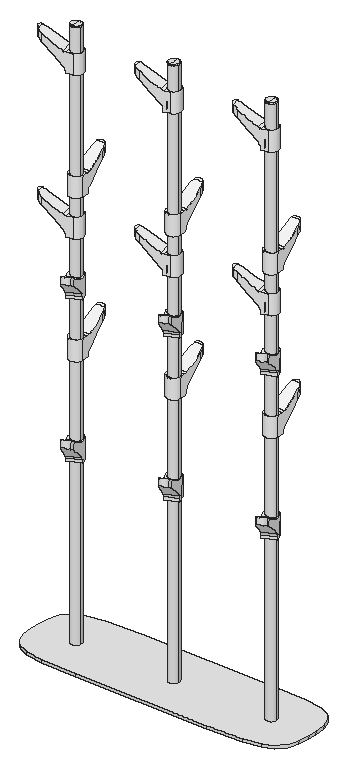
Revit family "REVIT-MG-1024-Slide-", category Furniture, Revit 2016
Family settings
  OmniClass Number = 23.40.20.00
  OmniClass Title = General Furniture and Specialties
  Work Plane-Based = No
  Always vertical = Yes
  Cut with Voids When Loaded = No
  Shared = No
  Room Calculation Point = No
Parameters (values of type "MG-1024")
  URL = "www.magnusongroup.com"
  Type Comments = "Collaborative Area"  # constant formula
  Salvage or Reuse = yes
  Percentage of Recycled Content = 0
  Model = "MG-1024"
  Manufacturer = "Magnuson Group"  # constant formula
  Low Emitting Material = yes
  Low Emitting Finish = yes
  Revit File Built By = "https://servex-us.com/servex-revit/"
  Description = "Slide Coat Tree"
Reference planes (in)
  plane 1 "Center Front/Back": y = 0
  plane 2: z = 0
  plane 3 "Center Left/Right": x = 0
Dimensions and locks (in)
  aligned and locked: level to plane 2
Nested families (in)
  nested 1: "Magnuson-Slide-Coat_Tree" at (0, -4.90625, 0), type "SLIDE G3"
Definition of nested family "Magnuson-Slide-Coat_Tree"
  Parameters (values of type "SLIDE G1")
    Width = 11 13/16"
    URL = "www.magnusongroup.com"
    Type Comments = "Coat Trees"  # constant formula
    Salvage or Reuse = no
    Post Finish = none
    Percentage of Recycled Content = 0
    Model = "SLIDE G1"
    Manufacturer = "Magnuson Group"  # constant formula
    Low Emitting Material = yes
    Low Emitting Finish = yes
    Revit File Built By = "https://servex-us.com/servex-revit/"
    Keynote = "12500"
    Hook Finish = none
    Height = 67 5/8"
    Dist Hook = 5.90556"
    Description = "Single painted steel coat tree with 6 plastic hooks"
    Depth = 11.811"
    Cap Finish = none
    Base Finish = none
    B3 = and(Width = 33 15/32", Depth = 9 13/16")  # no
    B2 = and(Width = 21 41/64", Depth = 9 13/16")  # no
    B1 = and(Width = 11 13/16")  # yes
    Assembly Code = "E2020200"
    #Hook = 2
  Types (4): name | Width | Model | Dist Hook | Description | Depth | B3 | B2 | B1 | #Hook
    (no name) | 11 13/16" | "SLIDE G1" | 5.90556" | "Single painted steel coat tree with 6 plastic hooks" | 11.811" | no | no | yes | 2
    SLIDE G1 | 11 13/16" | "SLIDE G1" | 5.90556" | "Single painted steel coat tree with 6 plastic hooks" | 11.811" | no | no | yes | 2
    SLIDE G2 | 21 41/64" | "SLIDE G2" | 4 59/64" | "Double painted steel coat tree with 12 plastic hooks" | 9 13/16" | no | yes | no | 2
    SLIDE G3 | 33 15/32" | "SLIDE G3" | 4 59/64" | "Triple painted steel coat tree with 18 plastic hooks" | 9 13/16" | yes | no | no | 3
  Reference planes (in)
    plane 1 "Center Front/Back": y = 0
    plane 2: z = 0
    plane 3 "Center Left/Right": x = 0
    plane 4: y = 5.9055
    plane 5: y = -5.9055
    plane 6: z = 0.31496
    plane 7: z = 67.34007
    plane 8: x = 11.8125
    plane 9: x = 5.90625
  Dimensions and locks (in)
    locked: plane 6 to plane 2 at 0.31496
    equal spacing: plane 3 "Center Left/Right", plane 9, plane 8
    equal spacing: plane 4, plane 1 "Center Front/Back", plane 5
    "Depth": plane 4 to plane 5
    "Width": plane 3 "Center Left/Right" to plane 8
    group 1 to group 2 = 0.00139"
    group 1 to group 2 = 0"  (x2)
    "Dist Hook": plane 3 "Center Left/Right" to nested 1
    "Dist Hook": nested 2 to plane 8
    aligned and locked: level to plane 2
    aligned and locked: plane 1 "Center Front/Back" to nested 2
    aligned and locked: plane 1 "Center Front/Back" to nested 1
    aligned and locked: plane 1 "Center Front/Back" to nested 3
  Nested families (in)
    nested 1: "Hook" at (5.90556, 0, 0), Cap Finish <- "Cap Finish", Hook Finish <- "Hook Finish", Post Finish <- "Post Finish", type "Hook"
      with Post Finish none, Hook Finish none, Cap Finish none
    nested 2: "Hook" at (5.90694, 0, 0), Cap Finish <- "Cap Finish", Hook Finish <- "Hook Finish", Post Finish <- "Post Finish", type "Hook"
      with Post Finish none, Hook Finish none, Cap Finish none
    nested 3: "Base" at (0, 0, 0), B1 <- "B1", B2 <- "B2", B3 <- "B3", Base Finish <- "Base Finish", type "Base"
      with Base Finish none, B3 no, B2 no, B1 yes
  Definition of nested family "Hook"
    Parameters (values of type "Hook")
      Post Finish [instance] = none
      Hook Finish [instance] = none
      Cap Finish [instance] = none
    Reference planes (in)
      plane 1 "Center (Front/Back)": y = 0
      plane 2: z = 0
      plane 3 "Center (Left/Right)": x = 0
      plane 4: z = 0.31496
      plane 5: z = 67.24396
      plane 6: z = 67.34007
    Forms (in)
      Extrusion 1, solid, material <- "Hook Finish"
        sketch origin (0, -0.00889, 0) x (1, 0, 0) y (0, 1, 0)
          loop
            arc (-0.81367, -0.00357) -> (0, -0.80487) -> (0.81367, -0.00357) r 0.81376
            arc (0.81367, -0.00357) -> (0.77892, 1.6415) -> (0.62451, 3.27967) r 22.59002
            arc (0.62451, 3.27967) -> (0.57436, 3.50418) -> (0.48508, 3.7162) r 1.28856
            arc (0.48508, 3.7162) -> (0, 4.00791) -> (-0.48508, 3.7162) r 0.54916
            arc (-0.48508, 3.7162) -> (-0.57436, 3.50418) -> (-0.62451, 3.27967) r 1.28856
            arc (-0.62451, 3.27967) -> (-0.77892, 1.6415) -> (-0.81367, -0.00357) r 22.59002
          loop
            circle (0, 0.00889) r 0.61695
        from 48.82973 to 53.06031
      Extrusion 2, void
        sketch origin (0, -0.00889, 0) x (0, 1, 0) y (0, 0, 1)
          loop
            arc (4.06991, 52.17166) -> (2.49424, 50.93037) -> (1.00103, 49.59103) r 31.40408
            arc (1.00103, 49.59103) -> (0.85702, 49.40935) -> (0.76776, 49.19538) r 0.84577
            arc (0.76776, 49.19538) -> (0.73088, 48.97636) -> (0.73423, 48.75429) r 1.2227
            line (0.73423, 48.75429) -> (4.06991, 48.75429) -> (4.06991, 52.17166)
          loop
            arc (3.7662, 52.8329) -> (3.91051, 52.90212) -> (4.06991, 52.91658) r 0.45088
            line (4.06991, 52.91658) -> (4.06991, 53.12969) -> (-0.92451, 53.12969) -> (-0.92451, 51.13029) -> (0.70548, 51.13029)
            arc (0.70548, 51.13029) -> (0.87214, 51.14904) -> (1.03046, 51.20435) r 0.75
            arc (1.03046, 51.20435) -> (2.4345, 51.95786) -> (3.7662, 52.8329) r 17.95374
        from -1 to 1
      Extrusion 3, solid, material <- "Hook Finish"
        sketch origin (0.00866, 0.00202, 13.31168) x (-0.227272, 0.973831, 0) y (-0.973831, -0.227272, 0)
          loop
            arc (-0.81367, -0.00357) -> (0, -0.80487) -> (0.81367, -0.00357) r 0.81376
            arc (0.81367, -0.00357) -> (0.77892, 1.6415) -> (0.62451, 3.27967) r 22.59002
            arc (0.62451, 3.27967) -> (0.57436, 3.50418) -> (0.48508, 3.7162) r 1.28856
            arc (0.48508, 3.7162) -> (0, 4.00791) -> (-0.48508, 3.7162) r 0.54916
            arc (-0.48508, 3.7162) -> (-0.57436, 3.50418) -> (-0.62451, 3.27967) r 1.28856
            arc (-0.62451, 3.27967) -> (-0.77892, 1.6415) -> (-0.81367, -0.00357) r 22.59002
          loop
            circle (0, 0.00889) r 0.61695
        from 48.82973 to 53.06031
      Extrusion 4, void
        sketch origin (0.00866, 0.00202, 13.31168) x (-0.973831, -0.227272, 0) y (0, 0, 1)
          loop
            arc (4.06991, 52.17166) -> (2.49424, 50.93037) -> (1.00103, 49.59103) r 31.40408
            arc (1.00103, 49.59103) -> (0.85702, 49.40935) -> (0.76776, 49.19538) r 0.84577
            arc (0.76776, 49.19538) -> (0.73088, 48.97636) -> (0.73423, 48.75429) r 1.2227
            line (0.73423, 48.75429) -> (4.06991, 48.75429) -> (4.06991, 52.17166)
          loop
            arc (3.7662, 52.8329) -> (3.91051, 52.90212) -> (4.06991, 52.91658) r 0.45088
            line (4.06991, 52.91658) -> (4.06991, 53.12969) -> (-0.92451, 53.12969) -> (-0.92451, 51.13029) -> (0.70548, 51.13029)
            arc (0.70548, 51.13029) -> (0.87214, 51.14904) -> (1.03046, 51.20435) r 0.75
            arc (1.03046, 51.20435) -> (2.4345, 51.95786) -> (3.7662, 52.8329) r 17.95374
        from -1 to 1
      Extrusion 5, solid, material <- "Hook Finish"
        sketch origin (0, -0.00889, -17.70964) x (1, 0, 0) y (0, 1, 0)
          loop
            arc (-0.81367, -0.00357) -> (0, -0.80487) -> (0.81367, -0.00357) r 0.81376
            arc (0.81367, -0.00357) -> (0.77892, 1.6415) -> (0.62451, 3.27967) r 22.59002
            arc (0.62451, 3.27967) -> (0.57436, 3.50418) -> (0.48508, 3.7162) r 1.28856
            arc (0.48508, 3.7162) -> (0, 4.00791) -> (-0.48508, 3.7162) r 0.54916
            arc (-0.48508, 3.7162) -> (-0.57436, 3.50418) -> (-0.62451, 3.27967) r 1.28856
            arc (-0.62451, 3.27967) -> (-0.77892, 1.6415) -> (-0.81367, -0.00357) r 22.59002
          loop
            circle (0, 0.00889) r 0.61695
        from 48.82973 to 53.06031
      Extrusion 6, void
        sketch origin (0, -0.00889, -17.70964) x (0, 1, 0) y (0, 0, 1)
          loop
            arc (4.06991, 52.17166) -> (2.49424, 50.93037) -> (1.00103, 49.59103) r 31.40408
            arc (1.00103, 49.59103) -> (0.85702, 49.40935) -> (0.76776, 49.19538) r 0.84577
            arc (0.76776, 49.19538) -> (0.73088, 48.97636) -> (0.73423, 48.75429) r 1.2227
            line (0.73423, 48.75429) -> (4.06991, 48.75429) -> (4.06991, 52.17166)
          loop
            arc (3.7662, 52.8329) -> (3.91051, 52.90212) -> (4.06991, 52.91658) r 0.45088
            line (4.06991, 52.91658) -> (4.06991, 53.12969) -> (-0.92451, 53.12969) -> (-0.92451, 51.13029) -> (0.70548, 51.13029)
            arc (0.70548, 51.13029) -> (0.87214, 51.14904) -> (1.03046, 51.20435) r 0.75
            arc (1.03046, 51.20435) -> (2.4345, 51.95786) -> (3.7662, 52.8329) r 17.95374
        from -1 to 1
      Extrusion 7, solid, material <- "Hook Finish"
        sketch origin (0.00866, 0.00202, -4.40644) x (-0.227272, 0.973831, 0) y (-0.973831, -0.227272, 0)
          loop
            arc (-0.81367, -0.00357) -> (0, -0.80487) -> (0.81367, -0.00357) r 0.81376
            arc (0.81367, -0.00357) -> (0.77892, 1.6415) -> (0.62451, 3.27967) r 22.59002
            arc (0.62451, 3.27967) -> (0.57436, 3.50418) -> (0.48508, 3.7162) r 1.28856
            arc (0.48508, 3.7162) -> (0, 4.00791) -> (-0.48508, 3.7162) r 0.54916
            arc (-0.48508, 3.7162) -> (-0.57436, 3.50418) -> (-0.62451, 3.27967) r 1.28856
            arc (-0.62451, 3.27967) -> (-0.77892, 1.6415) -> (-0.81367, -0.00357) r 22.59002
          loop
            circle (0, 0.00889) r 0.61695
        from 48.82973 to 53.06031
      Extrusion 8, void
        sketch origin (0.00866, 0.00202, -4.40644) x (-0.973831, -0.227272, 0) y (0, 0, 1)
          loop
            arc (4.06991, 52.17166) -> (2.49424, 50.93037) -> (1.00103, 49.59103) r 31.40408
            arc (1.00103, 49.59103) -> (0.85702, 49.40935) -> (0.76776, 49.19538) r 0.84577
            arc (0.76776, 49.19538) -> (0.73088, 48.97636) -> (0.73423, 48.75429) r 1.2227
            line (0.73423, 48.75429) -> (4.06991, 48.75429) -> (4.06991, 52.17166)
          loop
            arc (3.7662, 52.8329) -> (3.91051, 52.90212) -> (4.06991, 52.91658) r 0.45088
            line (4.06991, 52.91658) -> (4.06991, 53.12969) -> (-0.92451, 53.12969) -> (-0.92451, 51.13029) -> (0.70548, 51.13029)
            arc (0.70548, 51.13029) -> (0.87214, 51.14904) -> (1.03046, 51.20435) r 0.75
            arc (1.03046, 51.20435) -> (2.4345, 51.95786) -> (3.7662, 52.8329) r 17.95374
        from -1 to 1
      Extrusion 9, solid, material <- "Hook Finish"
        sketch origin (-0.00359, 0.00813, -10.96476) x (-0.914769, -0.403978, 0) y (0.403978, -0.914769, 0)
          loop
            arc (-0.81367, -0.00357) -> (0, -0.80487) -> (0.81367, -0.00357) r 0.81376
            arc (0.81367, -0.00357) -> (0.77892, 1.6415) -> (0.62451, 3.27967) r 22.59002
            arc (0.62451, 3.27967) -> (0.57436, 3.50418) -> (0.48508, 3.7162) r 1.28856
            arc (0.48508, 3.7162) -> (0, 4.00791) -> (-0.48508, 3.7162) r 0.54916
            arc (-0.48508, 3.7162) -> (-0.57436, 3.50418) -> (-0.62451, 3.27967) r 1.28856
            arc (-0.62451, 3.27967) -> (-0.77892, 1.6415) -> (-0.81367, -0.00357) r 22.59002
          loop
            circle (0, 0.00889) r 0.61695
        from 48.82973 to 53.06031
      Extrusion 10, void
        sketch origin (-0.00359, 0.00813, -10.96476) x (0.403978, -0.914769, 0) y (0, 0, 1)
          loop
            arc (4.06991, 52.17166) -> (2.49424, 50.93037) -> (1.00103, 49.59103) r 31.40408
            arc (1.00103, 49.59103) -> (0.85702, 49.40935) -> (0.76776, 49.19538) r 0.84577
            arc (0.76776, 49.19538) -> (0.73088, 48.97636) -> (0.73423, 48.75429) r 1.2227
            line (0.73423, 48.75429) -> (4.06991, 48.75429) -> (4.06991, 52.17166)
          loop
            arc (3.7662, 52.8329) -> (3.91051, 52.90212) -> (4.06991, 52.91658) r 0.45088
            line (4.06991, 52.91658) -> (4.06991, 53.12969) -> (-0.92451, 53.12969) -> (-0.92451, 51.13029) -> (0.70548, 51.13029)
            arc (0.70548, 51.13029) -> (0.87214, 51.14904) -> (1.03046, 51.20435) r 0.75
            arc (1.03046, 51.20435) -> (2.4345, 51.95786) -> (3.7662, 52.8329) r 17.95374
        from -1 to 1
      Extrusion 11, solid, material <- "Hook Finish"
        sketch origin (-0.00359, 0.00813, -28.68011) x (-0.914769, -0.403978, 0) y (0.403978, -0.914769, 0)
          loop
            arc (-0.81367, -0.00357) -> (0, -0.80487) -> (0.81367, -0.00357) r 0.81376
            arc (0.81367, -0.00357) -> (0.77892, 1.6415) -> (0.62451, 3.27967) r 22.59002
            arc (0.62451, 3.27967) -> (0.57436, 3.50418) -> (0.48508, 3.7162) r 1.28856
            arc (0.48508, 3.7162) -> (0, 4.00791) -> (-0.48508, 3.7162) r 0.54916
            arc (-0.48508, 3.7162) -> (-0.57436, 3.50418) -> (-0.62451, 3.27967) r 1.28856
            arc (-0.62451, 3.27967) -> (-0.77892, 1.6415) -> (-0.81367, -0.00357) r 22.59002
          loop
            circle (0, 0.00889) r 0.61695
        from 48.82973 to 53.06031
      Extrusion 12, void
        sketch origin (-0.00359, 0.00813, -28.68011) x (0.403978, -0.914769, 0) y (0, 0, 1)
          loop
            arc (4.06991, 52.17166) -> (2.49424, 50.93037) -> (1.00103, 49.59103) r 31.40408
            arc (1.00103, 49.59103) -> (0.85702, 49.40935) -> (0.76776, 49.19538) r 0.84577
            arc (0.76776, 49.19538) -> (0.73088, 48.97636) -> (0.73423, 48.75429) r 1.2227
            line (0.73423, 48.75429) -> (4.06991, 48.75429) -> (4.06991, 52.17166)
          loop
            arc (3.7662, 52.8329) -> (3.91051, 52.90212) -> (4.06991, 52.91658) r 0.45088
            line (4.06991, 52.91658) -> (4.06991, 53.12969) -> (-0.92451, 53.12969) -> (-0.92451, 51.13029) -> (0.70548, 51.13029)
            arc (0.70548, 51.13029) -> (0.87214, 51.14904) -> (1.03046, 51.20435) r 0.75
            arc (1.03046, 51.20435) -> (2.4345, 51.95786) -> (3.7662, 52.8329) r 17.95374
        from -1 to 1
      Extrusion 13, solid, material <- "Post Finish"
        sketch origin (0, 0, 0) x (1, 0, 0) y (0, 1, 0)
          loop
            circle (0, 0) r 0.61695
        from 0.31496 to 67.24396
      Revolve 14, solid, material <- "Cap Finish"
        sketch origin (0, 0, 0) x (0, 1, 0) y (0, 0, 1)
          loop
            arc (0.5932, 67.30679) -> (0.29707, 67.33175) -> (0, 67.34007) r 5.30331
            line (0, 67.34007) -> (0, 67.24396) -> (0.61815, 67.24396) -> (0.61815, 67.27888)
            arc (0.61815, 67.27888) -> (0.61101, 67.2976) -> (0.5932, 67.30679) r 0.02809
          axis (0, 67.34007) -> (0, 67.24396)
        angle from 0 to 360
    Cuts and joins
      Extrusion 2 cuts Extrusion 1
      Extrusion 4 cuts Extrusion 3
      Extrusion 6 cuts Extrusion 5
      Extrusion 8 cuts Extrusion 7
      Extrusion 10 cuts Extrusion 9
      Extrusion 12 cuts Extrusion 11
    Lines and regions (in)
      symbolic lines
        curve 1: arc (-0.62451, 3.27078, 0) -> (-0.75758, 1.96116, 0) -> (-0.81415, 0.64602, 0) r 22.59002
        curve 2: arc (-0.48508, 3.70731, 0) -> (-0.57436, 3.49529, 0) -> (-0.62451, 3.27078, 0) r 1.28856
        curve 3: arc (0.48508, 3.70731, 0) -> (0, 3.99902, 0) -> (-0.48508, 3.70731, 0) r 0.54916
        curve 4: arc (0.62451, 3.27078, 0) -> (0.57436, 3.49529, 0) -> (0.48508, 3.70731, 0) r 1.28856
        curve 5: arc (0.81367, -0.01246, 0) -> (0.77892, 1.63261, 0) -> (0.62451, 3.27078, 0) r 22.59002
        curve 6: arc (0.19705, -0.78954, 0) -> (0.79247, 0.18495, 0) -> (-0.17279, 0.79521, 0) r 0.81376
        curve 7: arc (-0.17279, 0.79521, 0) -> (-1.76691, 0.38749, 0) -> (-3.32712, -0.13519, 0) r 22.59002
        curve 8: arc (-3.04325, -1.35153, 0) -> (-1.41286, -1.12958, 0) -> (0.19705, -0.78954, 0) r 22.59002
        curve 9: arc (-3.50005, -1.31495, 0) -> (-3.27329, -1.35371, 0) -> (-3.04325, -1.35153, 0) r 1.28856
        curve 10: arc (-3.32712, -0.13519, 0) -> (-3.53436, -0.23506, 0) -> (-3.72054, -0.37019, 0) r 1.28856
        curve 11: arc (-3.72054, -0.37019, 0) -> (-3.89437, -0.90887, 0) -> (-3.50005, -1.31495, 0) r 0.54916
        curve 12: arc (1.89261, -2.73972, 0) -> (1.40425, -1.26528, 0) -> (0.81574, 0.1721, 0) r 22.59002
        curve 13: arc (1.05394, -3.58729, 0) -> (1.61552, -3.65818, 0) -> (1.9414, -3.19537, 0) r 0.54916
        curve 14: arc (1.9414, -3.19537, 0) -> (1.93742, -2.96536, 0) -> (1.89261, -2.73972, 0) r 1.28856
        curve 15: arc (0.75004, -3.2443, 0) -> (0.88662, -3.42941, 0) -> (1.05394, -3.58729, 0) r 1.28856
        curve 16: arc (-0.4719, -0.94574, 0) -> (0.10593, -2.11263, 0) -> (0.75004, -3.2443, 0) r 22.59002
        curve 17: arc (0, 0.61815, 0) -> (-0.61815, 0, 0) -> (0, -0.61815, 0) r 0.61815
        curve 18: arc (0, -0.61815, 0) -> (0.61815, 0, 0) -> (0, 0.61815, 0) r 0.61815
    Dimensions and locks (in)
      aligned and locked: plane 2 to level
      aligned and locked: Extrusion 13 to plane 4
      aligned and locked: plane 5 to Extrusion 13
      aligned and locked: curve 6 to cut or joined group of Extrusion 3, Extrusion 4
      aligned and locked: curve 7 to cut or joined group of Extrusion 3, Extrusion 4
      aligned and locked: curve 8 to cut or joined group of Extrusion 3, Extrusion 4
      aligned and locked: curve 9 to cut or joined group of Extrusion 3, Extrusion 4
      aligned and locked: curve 10 to cut or joined group of Extrusion 3, Extrusion 4
      aligned and locked: curve 11 to cut or joined group of Extrusion 3, Extrusion 4
      aligned and locked: curve 12 to cut or joined group of Extrusion 9, Extrusion 10
      aligned and locked: curve 13 to cut or joined group of Extrusion 9, Extrusion 10
      aligned and locked: curve 14 to cut or joined group of Extrusion 9, Extrusion 10
      aligned and locked: curve 15 to cut or joined group of Extrusion 9, Extrusion 10
      aligned and locked: curve 16 to cut or joined group of Extrusion 9, Extrusion 10
      aligned and locked: curve 17 to Revolve 14
      aligned and locked: curve 18 to Revolve 14
  Definition of nested family "Base"
    Parameters (values of type "Base")
      Base Finish [instance] = none
      B3 [instance] = yes
      B2 [instance] = yes
      B1 [instance] = yes
    Reference planes (in)
      plane 1 "Center (Front/Back)": y = 0
      plane 2: z = 0
      plane 3 "Center (Left/Right)": x = 0
      plane 4: z = 0.31496
    Forms (in)
      Extrusion 1, solid, material <- "Base Finish", visible <- "B2"
        sketch origin (0, 0, 0) x (1, 0, 0) y (0, 1, 0)
          loop
            arc (2.88132, 4.67343) -> (0.97332, 3.82365) -> (0.08238, 1.93452) r 3
            arc (0.08238, 1.93452) -> (0, -0.00236) -> (0.08279, -1.93922) r 22.75419
            arc (0.08279, -1.93922) -> (0.97947, -3.8334) -> (2.89724, -4.67846) r 3
            arc (2.89724, -4.67846) -> (10.82135, -4.90912) -> (18.74543, -4.67779) r 136.03307
            arc (18.74543, -4.67779) -> (20.66308, -3.83263) -> (21.55965, -1.93847) r 3
            arc (21.55965, -1.93847) -> (21.64237, -0.00239) -> (21.56005, 1.9337) r 22.75419
            arc (21.56005, 1.9337) -> (20.66925, 3.82281) -> (18.76138, 4.6727) r 3
            arc (18.76138, 4.6727) -> (10.82136, 4.9252) -> (2.88132, 4.67343) r 125.14525
        from 0 to 0.31496
      Extrusion 2, solid, material <- "Base Finish", visible <- "B3"
        sketch origin (-29.79149, 0, 0) x (1, 0, 0) y (0, 1, 0)
          loop
            line (29.79149, 0.52441) -> (29.79149, -0.52441)
            arc (29.79149, -0.52441) -> (29.82001, -1.18644) -> (29.90537, -1.84355) r 7.69732
            arc (29.90537, -1.84355) -> (30.72839, -3.50093) -> (32.32263, -4.44044) r 3.25
            arc (32.32263, -4.44044) -> (33.3461, -4.64801) -> (34.3838, -4.76537) r 11.94115
            arc (34.3838, -4.76537) -> (36.46619, -4.87304) -> (38.55105, -4.90894) r 60.551
            line (38.55105, -4.90894) -> (54.49642, -4.90894)
            arc (54.49642, -4.90894) -> (56.58128, -4.87304) -> (58.66367, -4.76537) r 60.551
            arc (58.66367, -4.76537) -> (59.70137, -4.64801) -> (60.72485, -4.44044) r 11.94115
            arc (60.72485, -4.44044) -> (62.31908, -3.50093) -> (63.14211, -1.84355) r 3.25
            arc (63.14211, -1.84355) -> (63.22746, -1.18644) -> (63.25598, -0.52441) r 7.69732
            line (63.25598, -0.52441) -> (63.25598, 0.52441)
            arc (63.25598, 0.52441) -> (63.22746, 1.18644) -> (63.14211, 1.84355) r 7.69732
            arc (63.14211, 1.84355) -> (62.31908, 3.50093) -> (60.72485, 4.44044) r 3.25
            arc (60.72485, 4.44044) -> (59.70137, 4.64801) -> (58.66367, 4.76537) r 11.94115
            arc (58.66367, 4.76537) -> (56.58128, 4.87304) -> (54.49642, 4.90894) r 60.551
            line (54.49642, 4.90894) -> (38.55105, 4.90894)
            arc (38.55105, 4.90894) -> (36.46619, 4.87304) -> (34.3838, 4.76537) r 60.551
            arc (34.3838, 4.76537) -> (33.3461, 4.64801) -> (32.32263, 4.44044) r 11.94115
            arc (32.32263, 4.44044) -> (30.72839, 3.50093) -> (29.90537, 1.84355) r 3.25
            arc (29.90537, 1.84355) -> (29.82001, 1.18644) -> (29.79149, 0.52441) r 7.69732
        from 0 to 0.31494
      Extrusion 3, solid, material <- "Base Finish", visible <- "B1"
        sketch origin (5.90556, 0, 0) x (1, 0, 0) y (0, 1, 0)
          loop
            arc (-1.40556, 5.9055) -> (-4.58754, 4.58748) -> (-5.90556, 1.4055) r 4.5
            line (-5.90556, 1.4055) -> (-5.90556, -1.4055)
            arc (-5.90556, -1.4055) -> (-4.58754, -4.58748) -> (-1.40556, -5.9055) r 4.5
            line (-1.40556, -5.9055) -> (1.40694, -5.9055)
            arc (1.40694, -5.9055) -> (4.58892, -4.58748) -> (5.90694, -1.4055) r 4.5
            line (5.90694, -1.4055) -> (5.90694, 1.4055)
            arc (5.90694, 1.4055) -> (4.58892, 4.58748) -> (1.40694, 5.9055) r 4.5
            line (1.40694, 5.9055) -> (-1.40556, 5.9055)
        from 0 to 0.31496
    Lines and regions (in)
      symbolic lines, visible <- "B1"
        curve 1: line (7.3125, 5.9055, 0) -> (4.5, 5.9055, 0)
        curve 2: arc (4.5, 5.9055, 0) -> (1.31802, 4.58748, 0) -> (0, 1.4055, 0) r 4.5
        curve 3: line (0, 1.4055, 0) -> (0, -1.4055, 0)
        curve 4: arc (0, -1.4055, 0) -> (1.31802, -4.58748, 0) -> (4.5, -5.9055, 0) r 4.5
        curve 5: line (4.5, -5.9055, 0) -> (7.3125, -5.9055, 0)
        curve 6: arc (7.3125, -5.9055, 0) -> (10.49448, -4.58748, 0) -> (11.8125, -1.4055, 0) r 4.5
        curve 7: line (11.8125, -1.4055, 0) -> (11.8125, 1.4055, 0)
        curve 8: arc (11.8125, 1.4055, 0) -> (10.49448, 4.58748, 0) -> (7.3125, 5.9055, 0) r 4.5
      symbolic lines, visible <- "B2"
        curve 9: arc (18.76138, 4.6727, 0) -> (10.82136, 4.9252, 0) -> (2.88132, 4.67343, 0) r 125.14525
        curve 10: arc (2.88132, 4.67343, 0) -> (0.97332, 3.82365, 0) -> (0.08238, 1.93452, 0) r 3
        curve 11: arc (0.08238, 1.93452, 0) -> (0, -0.00236, 0) -> (0.08279, -1.93922, 0) r 22.75419
        curve 12: arc (0.08279, -1.93922, 0) -> (0.97947, -3.8334, 0) -> (2.89724, -4.67846, 0) r 3
        curve 13: arc (2.89724, -4.67846, 0) -> (10.82135, -4.90912, 0) -> (18.74543, -4.67779, 0) r 136.03307
        curve 14: arc (18.74543, -4.67779, 0) -> (20.66308, -3.83263, 0) -> (21.55965, -1.93847, 0) r 3
        curve 15: arc (21.55965, -1.93847, 0) -> (21.64237, -0.00239, 0) -> (21.56005, 1.9337, 0) r 22.75419
        curve 16: arc (21.56005, 1.9337, 0) -> (20.66925, 3.82281, 0) -> (18.76138, 4.6727, 0) r 3
      symbolic lines, visible <- "B3"
        curve 17: line (24.70493, 4.90894, 0) -> (8.75956, 4.90894, 0)
        curve 18: arc (8.75956, 4.90894, 0) -> (6.6747, 4.87304, 0) -> (4.59232, 4.76537, 0) r 60.551
        curve 19: arc (4.59232, 4.76537, 0) -> (3.55461, 4.64801, 0) -> (2.53114, 4.44044, 0) r 11.94115
        curve 20: arc (2.53114, 4.44044, 0) -> (0.9369, 3.50093, 0) -> (0.11388, 1.84355, 0) r 3.25
        curve 21: arc (0.11388, 1.84355, 0) -> (0.02852, 1.18644, 0) -> (0, 0.52441, 0) r 7.69732
        curve 22: line (0, 0.52441, 0) -> (0, -0.52441, 0)
        curve 23: arc (0, -0.52441, 0) -> (0.02852, -1.18644, 0) -> (0.11388, -1.84355, 0) r 7.69732
        curve 24: arc (0.11388, -1.84355, 0) -> (0.9369, -3.50093, 0) -> (2.53114, -4.44044, 0) r 3.25
        curve 25: arc (2.53114, -4.44044, 0) -> (3.55461, -4.64801, 0) -> (4.59232, -4.76537, 0) r 11.94115
        curve 26: arc (4.59232, -4.76537, 0) -> (6.6747, -4.87304, 0) -> (8.75956, -4.90894, 0) r 60.551
        curve 27: line (8.75956, -4.90894, 0) -> (24.70493, -4.90894, 0)
        curve 28: arc (24.70493, -4.90894, 0) -> (26.78979, -4.87304, 0) -> (28.87218, -4.76537, 0) r 60.551
        curve 29: arc (28.87218, -4.76537, 0) -> (29.90988, -4.64801, 0) -> (30.93336, -4.44044, 0) r 11.94115
        curve 30: arc (30.93336, -4.44044, 0) -> (32.52759, -3.50093, 0) -> (33.35062, -1.84355, 0) r 3.25
        curve 31: arc (33.35062, -1.84355, 0) -> (33.43597, -1.18644, 0) -> (33.46449, -0.52441, 0) r 7.69732
        curve 32: line (33.46449, -0.52441, 0) -> (33.46449, 0.52441, 0)
        curve 33: arc (33.46449, 0.52441, 0) -> (33.43597, 1.18644, 0) -> (33.35062, 1.84355, 0) r 7.69732
        curve 34: arc (33.35062, 1.84355, 0) -> (32.52759, 3.50093, 0) -> (30.93336, 4.44044, 0) r 3.25
        curve 35: arc (30.93336, 4.44044, 0) -> (29.90988, 4.64801, 0) -> (28.87218, 4.76537, 0) r 11.94115
        curve 36: arc (28.87218, 4.76537, 0) -> (26.78979, 4.87304, 0) -> (24.70493, 4.90894, 0) r 60.551
    Dimensions and locks (in)
      aligned and locked: plane 2 to level
      aligned and locked: plane 4 to Extrusion 1
      aligned and locked: Extrusion 1 to plane 2
      aligned and locked: curve 1 to Extrusion 3
      aligned and locked: curve 2 to Extrusion 3
      aligned and locked: curve 3 to Extrusion 3
      aligned and locked: curve 4 to Extrusion 3
      aligned and locked: curve 5 to Extrusion 3
      aligned and locked: curve 6 to Extrusion 3
      aligned and locked: curve 7 to Extrusion 3
      aligned and locked: curve 8 to Extrusion 3
      aligned and locked: curve 9 to Extrusion 1
      aligned and locked: curve 10 to Extrusion 1
      aligned and locked: curve 11 to Extrusion 1
      aligned and locked: curve 12 to Extrusion 1
      aligned and locked: curve 13 to Extrusion 1
      aligned and locked: curve 14 to Extrusion 1
      aligned and locked: curve 15 to Extrusion 1
      aligned and locked: curve 16 to Extrusion 1
      aligned and locked: curve 17 to Extrusion 2
      aligned and locked: curve 18 to Extrusion 2
      aligned and locked: curve 19 to Extrusion 2
      aligned and locked: curve 20 to Extrusion 2
      aligned and locked: curve 21 to Extrusion 2
      aligned and locked: curve 22 to Extrusion 2
      aligned and locked: curve 23 to Extrusion 2
      aligned and locked: curve 24 to Extrusion 2
      aligned and locked: curve 25 to Extrusion 2
      aligned and locked: curve 26 to Extrusion 2
      aligned and locked: curve 27 to Extrusion 2
      aligned and locked: curve 28 to Extrusion 2
      aligned and locked: curve 29 to Extrusion 2
      aligned and locked: curve 30 to Extrusion 2
      aligned and locked: curve 31 to Extrusion 2
      aligned and locked: curve 32 to Extrusion 2
      aligned and locked: curve 33 to Extrusion 2
      aligned and locked: curve 34 to Extrusion 2
      aligned and locked: curve 35 to Extrusion 2
      aligned and locked: curve 36 to Extrusion 2
